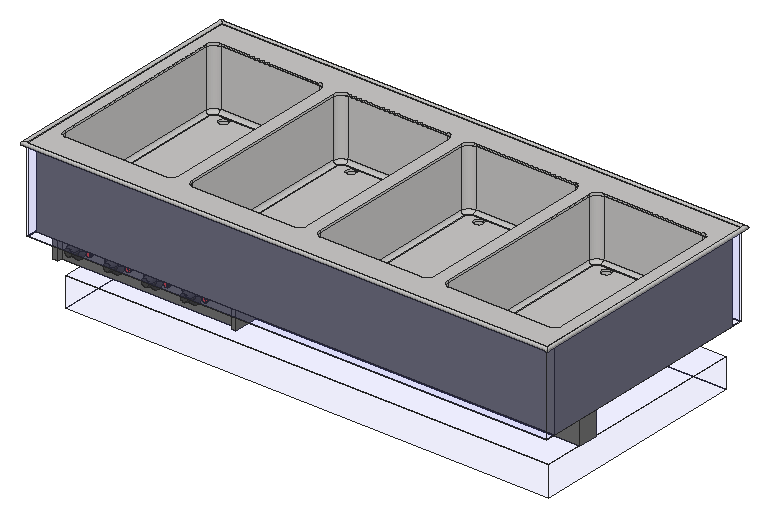
Revit family "QF_Vollrath_36406_cat", category Specialty Equipment, Revit 2016
Family settings
  Part Type = Normal
  Round Connector Dimension = Use Diameter
  OmniClass Number = 23.40.40.14.14
  OmniClass Title = Food Preparation Equipment
  Work Plane-Based = No
  Always vertical = Yes
  Cut with Voids When Loaded = No
  Shared = No
  Room Calculation Point = No
Parameters (values of type "Requires Type Catalog QF_Vollrath_36406_cat.txt")
  Width = 4' - 6 3/4"
  Weight in Pounds = 0
  Watts = 0 W
  Watermarked By = "http://revitwatermark.com"
  Waste Water Discharge Temperature [instance] = -459.67 °F
  Volts = 0 V
  URL Cutsheet = ""
  URL = "www.vollrathco.com"
  Status [instance] = ""
  Specification by User [instance] = ""
  Specification by Manufacturer [instance] = ""
  Serial Number [instance] = ""
  Seismic Rating [instance] = ""
  Revision Code [instance] = ""
  Remote Control Box [instance] = no
  Plumbing Remarks [instance] = ""
  Plumbing Connection Type [instance] = ""
  Phase = 1
  Number of Poles = 1
  NAFEM Spec ID Number [instance] = ""
  Mounted Control Box [instance] = not(Remote Control Box)  # yes
  Model = "-"
  Masterspec [instance] = ""
  Manufacturer = "Vollrath"
  Item Number [instance] = "-"
  Installed By [instance] = ""
  Indirect Waste Size = 1/2"
  Indirect Waste Flow [instance] = 0.00 GPM
  Indirect Waste Connection Type [instance] = ""
  Indirect Waste Connection Height [instance] = Height AFF - 1' 0 3/16"  # 1' - 11 13/16"
  Height AFF [instance] = 3' - 0"
  Furnished By [instance] = ""
  Foodservice Equipment Identifier [instance] = yes
  FL Amps = 0 A
  Electrical Remarks [instance] = ""
  Electric Connection Type [instance] = ""
  Elec Conn RI Height [instance] = 0' - 0"
  Elec Conn Connection Height [instance] = Height AFF - 0' 10"  # 2' - 2"
  Description = "Drop-In, Four Well Hot"
  Depth = 2' - 2"
  Cycle = 60 Hz
  Conn Plug = "-"
  CSI MasterFormat = "11 42 00"
  Assembly Code = "E1090320"
  Apparent Power = if(Phase = 3, Volts * FL Amps * 1.73, Volts * FL Amps)  # 0 VA
Reference planes (in)
  plane 1 "BACK": y = 0
  plane 2: z = 0
  plane 3 "LEFT": x = -15.489587
  plane 4 "RIGHT": x = 39.260413
  plane 5 "FRONT": y = -26
  plane 6 "Table Top": z = 36
  plane 7 "TOP": z = 36.375
  plane 8: y = -3
  plane 9: y = -23
  plane 10: x = -13.989587
  plane 11: x = -1.989587
  plane 12 "Bottom of Well": z = 29.625
  plane 13 "Bottom of Well Cover": z = 27.5
  plane 14: y = -1.5
  plane 15: y = -24.5
  plane 16: x = -14.989587
  plane 17: x = 38.760413
  plane 18 "Standard Drain": z = 23.75
  plane 19 "Drain FB": x = -11.989587
  plane 20 "Drain LR": y = -4
  plane 21: z = 24.5
  plane 22: z = 21.5
  plane 23 "Back of Panel": y = -20.5
  plane 24: y = -18.5
  plane 25: x = -14.489587
  plane 26: x = 38.197913
  plane 27 "Manifold Drain Top": z = 24.25
  plane 28 "Front of Panel": y = -22.5
  plane 29: x = 4.510413
  plane 30: x = -0.739587
  plane 31: x = 11.260413
  plane 32: x = 1.260413
  plane 33: x = 12.510413
  plane 34: x = 24.510413
  plane 35: x = 14.510413
  plane 36: x = 25.760413
  plane 37: x = 37.760413
  plane 38: x = 27.760413
  plane 39: z = 21.375
Forms (in)
  Sweep 1, solid, material "QF_Finishes_Stainless Steel"
    path origin (0, 0, 36) x (0, 1, 0) y (-1, 0, 0)
      loop
        line (0, 15.489587) -> (-26, 15.489587) -> (-26, -39.260413) -> (0, -39.260413) -> (0, 15.489587)
    profile origin (11.885413, 0, 36) x (0, 1, 0) y (0, 0, 1)
      loop
        line (-0.3712117, 0) -> (-0.1875, 0)
        arc (-0.1875, 0) -> (-0.0422631, 0.3060854) -> (-0.3712117, 0.225) r 0.1875
        line (-0.3712117, 0.225) -> (-0.3712117, 0)
  Extrusion 2, solid, material "QF_Finishes_Stainless Steel"
    sketch origin (0, 0, 36) x (0, 1, 0) y (-1, 0, 0)
      loop
        arc (-3, 13.114587) -> (-3.2562816, 13.7333055) -> (-3.875, 13.989587) r 0.875
        line (-3.875, 13.989587) -> (-22.125, 13.989587)
        arc (-22.125, 13.989587) -> (-22.7437184, 13.7333055) -> (-23, 13.114587) r 0.875
        line (-23, 13.114587) -> (-23, 2.864587)
        arc (-23, 2.864587) -> (-22.7437184, 2.2458686) -> (-22.125, 1.989587) r 0.875
        line (-22.125, 1.989587) -> (-3.875, 1.989587)
        arc (-3.875, 1.989587) -> (-3.2562816, 2.2458686) -> (-3, 2.864587) r 0.875
        line (-3, 2.864587) -> (-3, 13.114587)
      loop
        line (-0.3712117, 15.1183753) -> (-25.6287883, 15.1183753) -> (-25.6287883, -38.8892012) -> (-0.3712117, -38.8892012) -> (-0.3712117, 15.1183753)
      loop
        arc (-3, -0.135413) -> (-3.2562816, 0.4833055) -> (-3.875, 0.739587) r 0.875
        line (-3.875, 0.739587) -> (-22.125, 0.739587)
        arc (-22.125, 0.739587) -> (-22.7437184, 0.4833055) -> (-23, -0.135413) r 0.875
        line (-23, -0.135413) -> (-23, -10.385413)
        arc (-23, -10.385413) -> (-22.7437184, -11.0041314) -> (-22.125, -11.260413) r 0.875
        line (-22.125, -11.260413) -> (-3.875, -11.260413)
        arc (-3.875, -11.260413) -> (-3.2562816, -11.0041314) -> (-3, -10.385413) r 0.875
        line (-3, -10.385413) -> (-3, -0.135413)
      loop
        arc (-3, -13.385413) -> (-3.2562816, -12.7666945) -> (-3.875, -12.510413) r 0.875
        line (-3.875, -12.510413) -> (-22.125, -12.510413)
        arc (-22.125, -12.510413) -> (-22.7437184, -12.7666945) -> (-23, -13.385413) r 0.875
        line (-23, -13.385413) -> (-23, -23.635413)
        arc (-23, -23.635413) -> (-22.7437184, -24.2541314) -> (-22.125, -24.510413) r 0.875
        line (-22.125, -24.510413) -> (-3.875, -24.510413)
        arc (-3.875, -24.510413) -> (-3.2562816, -24.2541314) -> (-3, -23.635413) r 0.875
        line (-3, -23.635413) -> (-3, -13.385413)
      loop
        arc (-3, -26.635413) -> (-3.2562816, -26.0166945) -> (-3.875, -25.760413) r 0.875
        line (-3.875, -25.760413) -> (-22.125, -25.760413)
        arc (-22.125, -25.760413) -> (-22.7437184, -26.0166945) -> (-23, -26.635413) r 0.875
        line (-23, -26.635413) -> (-23, -36.885413)
        arc (-23, -36.885413) -> (-22.7437184, -37.5041314) -> (-22.125, -37.760413) r 0.875
        line (-22.125, -37.760413) -> (-3.875, -37.760413)
        arc (-3.875, -37.760413) -> (-3.2562816, -37.5041314) -> (-3, -36.885413) r 0.875
        line (-3, -36.885413) -> (-3, -26.635413)
    from 0 to 0.225
  Sweep 3, solid, material "QF_Finishes_Stainless Steel"
    path origin (0, 0, 36) x (0, 1, 0) y (-1, 0, 0)
      loop
        arc (-3, 13.114587) -> (-3.2562816, 13.7333055) -> (-3.875, 13.989587) r 0.875
        line (-3.875, 13.989587) -> (-22.125, 13.989587)
        arc (-22.125, 13.989587) -> (-22.7437184, 13.7333055) -> (-23, 13.114587) r 0.875
        line (-23, 13.114587) -> (-23, 2.864587)
        arc (-23, 2.864587) -> (-22.7437184, 2.2458686) -> (-22.125, 1.989587) r 0.875
        line (-22.125, 1.989587) -> (-3.875, 1.989587)
        arc (-3.875, 1.989587) -> (-3.2562816, 2.2458686) -> (-3, 2.864587) r 0.875
        line (-3, 2.864587) -> (-3, 13.114587)
    profile origin (-7.989587, -3, 36) x (0, 1, 0) y (0, 0, 1)
      loop
        line (0, 0) -> (0, -5.875)
        arc (0, -5.875) -> (-0.109835, -6.140165) -> (-0.375, -6.25) r 0.375
        line (-0.375, -6.25) -> (-0.375, -6.375)
        arc (-0.375, -6.375) -> (-0.0214466, -6.2285534) -> (0.125, -5.875) r 0.5
        line (0.125, -5.875) -> (0.125, 0) -> (0, 0)
  Extrusion 4, solid, material "QF_Finishes_Stainless Steel"
    sketch origin (0, 0, 29.625) x (0, 1, 0) y (-1, 0, 0)
      loop
        arc (-3.375, 13.114587) -> (-3.5214466, 13.4681404) -> (-3.875, 13.614587) r 0.5
        line (-3.875, 13.614587) -> (-22.125, 13.614587)
        arc (-22.125, 13.614587) -> (-22.4785534, 13.4681404) -> (-22.625, 13.114587) r 0.5
        line (-22.625, 13.114587) -> (-22.625, 2.864587)
        arc (-22.625, 2.864587) -> (-22.4785534, 2.5110336) -> (-22.125, 2.364587) r 0.5
        line (-22.125, 2.364587) -> (-3.875, 2.364587)
        arc (-3.875, 2.364587) -> (-3.5214466, 2.5110336) -> (-3.375, 2.864587) r 0.5
        line (-3.375, 2.864587) -> (-3.375, 13.114587)
      loop
        circle (-4, 11.989587) r 0.5
    from 0 to 0.125
  Extrusion 5, solid, material "QF_Finishes_Dark Grey"
    sketch origin (0, 0, 27.5) x (0, 1, 0) y (-1, 0, 0)
      loop
        line (-1.625, 14.864587) -> (-24.375, 14.864587) -> (-24.375, -38.635413) -> (-1.625, -38.635413) -> (-1.625, 14.864587)
      loop
        circle (-4, 11.989587) r 0.5
      loop
        circle (-4, -1.260413) r 0.5
    from 0 to 0.125
  Extrusion 6, solid, material "QF_Finishes_Dark Grey"
    sketch origin (0, 0, 27.5) x (0, 1, 0) y (-1, 0, 0)
      loop
        line (-1.5, 14.989587) -> (-24.5, 14.989587) -> (-24.5, -38.760413) -> (-1.5, -38.760413) -> (-1.5, 14.989587)
      loop
        line (-1.625, 14.864587) -> (-24.375, 14.864587) -> (-24.375, -38.635413) -> (-1.625, -38.635413) -> (-1.625, 14.864587)
    from 0 to 8.5
  Extrusion 7, solid, material "QF_Finishes_Stainless Steel"
    sketch origin (0, 0, 27.5) x (0, 1, 0) y (-1, 0, 0)
      loop
        circle (-4, 11.989587) r 0.5
      loop
        circle (-4, 11.989587) r 0.625
    from 0.125 to 2.125
  Revolve 8, solid, material "QF_Finishes_Dark Grey"
    sketch origin (-11.989587, 0, 0) x (0, 1, 0) y (0, 0, 1)
      loop
        line (-3.375, 23.75) -> (-3.25, 23.75) -> (-3.25, 24.25) -> (-3.375, 24.25) -> (-3.375, 25.75) -> (-3.25, 25.75) -> (-3.25, 26.25) -> (-3.375, 26.25) -> (-3.375, 27.5) -> (-3.5, 27.5) -> (-3.5, 26.125) -> (-3.375, 26.125) -> (-3.375, 25.875) -> (-3.5, 25.875) -> (-3.5, 24.125) -> (-3.375, 24.125) -> (-3.375, 23.75)
      axis (-4, 23.75) -> (-4, 27.5)
    angle from 0 to 360
  Extrusion 9, solid, material "QF_Finishes_Dark Grey"
    sketch origin (-15.489587, 0, 0) x (0, 1, 0) y (0, 0, 1)
      loop
        line (-18.5, 27.5) -> (-20.5, 27.5) -> (-20.5, 24.5) -> (-18.5, 24.5) -> (-18.5, 27.5)
    from 1 to 53.6875
  Extrusion 10, solid, material "QF_Finishes_Dark Grey", visible <- "Mounted Control Box"
    sketch origin (0, 0, 27.5) x (0, 1, 0) y (-1, 0, 0)
      loop
        line (-20.5, 14.489587) -> (-23, 14.489587) -> (-23, 13.989587) -> (-22.5, 13.989587) -> (-22.5, -4.010413) -> (-23, -4.010413) -> (-23, -4.510413) -> (-20.5, -4.510413) -> (-20.5, 14.489587)
    from 0 to -3
  Blend 11, solid, material "QF_Finishes_Black", visible <- "Mounted Control Box"
    base sketch origin (0, -22.5, 0) x (-1, 0, 0) y (0, 0, 1)
      loop
        circle (12.489587, 26) r 1
    top sketch origin (0, -22.5, 0) x (-1, 0, 0) y (0, 0, 1)
      loop
        circle (12.489587, 26) r 0.5
    from 0 to -0.25
  Blend 12, solid, material "QF_Finishes_Black", visible <- "Mounted Control Box"
    base sketch origin (0, -22.5, 0) x (-1, 0, 0) y (0, 0, 1)
      loop
        circle (12.489587, 26) r 0.5
    top sketch origin (0, -22.5, 0) x (-1, 0, 0) y (0, 0, 1)
      loop
        circle (12.489587, 26) r 0.375
    from -0.25 to -1
  Extrusion 13, solid, material "QF_Finishes_Black", visible <- "Mounted Control Box"
    sketch origin (0, -22.5, 0) x (-1, 0, 0) y (0, 0, 1)
      loop
        circle (10.989587, 26) r 0.25
    from 0 to -0.125
  Extrusion 14, solid, material "QF_Finishes_Red", visible <- "Mounted Control Box"
    sketch origin (0, -22.5, 0) x (-1, 0, 0) y (0, 0, 1)
      loop
        circle (10.989587, 26) r 0.1875
    from -0.125 to -0.25
  Extrusion 15, solid, material "QF_Finishes_Stainless Steel"
    sketch origin (13.25, 0, 29.625) x (0, 1, 0) y (-1, 0, 0)
      loop
        arc (-3.375, 13.114587) -> (-3.5214466, 13.4681404) -> (-3.875, 13.614587) r 0.5
        line (-3.875, 13.614587) -> (-22.125, 13.614587)
        arc (-22.125, 13.614587) -> (-22.4785534, 13.4681404) -> (-22.625, 13.114587) r 0.5
        line (-22.625, 13.114587) -> (-22.625, 2.864587)
        arc (-22.625, 2.864587) -> (-22.4785534, 2.5110336) -> (-22.125, 2.364587) r 0.5
        line (-22.125, 2.364587) -> (-3.875, 2.364587)
        arc (-3.875, 2.364587) -> (-3.5214466, 2.5110336) -> (-3.375, 2.864587) r 0.5
        line (-3.375, 2.864587) -> (-3.375, 13.114587)
      loop
        circle (-4, 11.989587) r 0.5
    from 0 to 0.125
  Revolve 16, solid, material "QF_Finishes_Dark Grey"
    sketch origin (1.260413, 0, 0) x (0, 1, 0) y (0, 0, 1)
      loop
        line (-3.375, 23.75) -> (-3.25, 23.75) -> (-3.25, 24.25) -> (-3.375, 24.25) -> (-3.375, 25.75) -> (-3.25, 25.75) -> (-3.25, 26.25) -> (-3.375, 26.25) -> (-3.375, 27.5) -> (-3.5, 27.5) -> (-3.5, 26.125) -> (-3.375, 26.125) -> (-3.375, 25.875) -> (-3.5, 25.875) -> (-3.5, 24.125) -> (-3.375, 24.125) -> (-3.375, 23.75)
      axis (-4, 23.75) -> (-4, 27.5)
    angle from 0 to 360
  Blend 17, solid, material "QF_Finishes_Black", visible <- "Mounted Control Box"
    base sketch origin (4, -22.5, 0) x (-1, 0, 0) y (0, 0, 1)
      loop
        circle (12.489587, 26) r 1
    top sketch origin (4, -22.5, 0) x (-1, 0, 0) y (0, 0, 1)
      loop
        circle (12.489587, 26) r 0.5
    from 0 to -0.25
  Blend 18, solid, material "QF_Finishes_Black", visible <- "Mounted Control Box"
    base sketch origin (4, -22.5, 0) x (-1, 0, 0) y (0, 0, 1)
      loop
        circle (12.489587, 26) r 0.5
    top sketch origin (4, -22.5, 0) x (-1, 0, 0) y (0, 0, 1)
      loop
        circle (12.489587, 26) r 0.375
    from -0.25 to -1
  Extrusion 19, solid, material "QF_Finishes_Black", visible <- "Mounted Control Box"
    sketch origin (0, -22.5, 0) x (-1, 0, 0) y (0, 0, 1)
      loop
        circle (6.989587, 26) r 0.25
    from 0 to -0.125
  Extrusion 20, solid, material "QF_Finishes_Red", visible <- "Mounted Control Box"
    sketch origin (0, -22.5, 0) x (-1, 0, 0) y (0, 0, 1)
      loop
        circle (6.989587, 26) r 0.1875
    from -0.125 to -0.25
  Sweep 21, solid, material "QF_Finishes_Stainless Steel"
    path origin (13.25, 0, 36) x (0, 1, 0) y (-1, 0, 0)
      loop
        arc (-3, 13.114587) -> (-3.2562816, 13.7333055) -> (-3.875, 13.989587) r 0.875
        line (-3.875, 13.989587) -> (-22.125, 13.989587)
        arc (-22.125, 13.989587) -> (-22.7437184, 13.7333055) -> (-23, 13.114587) r 0.875
        line (-23, 13.114587) -> (-23, 2.864587)
        arc (-23, 2.864587) -> (-22.7437184, 2.2458686) -> (-22.125, 1.989587) r 0.875
        line (-22.125, 1.989587) -> (-3.875, 1.989587)
        arc (-3.875, 1.989587) -> (-3.2562816, 2.2458686) -> (-3, 2.864587) r 0.875
        line (-3, 2.864587) -> (-3, 13.114587)
    profile origin (5.260413, -3, 36) x (0, 1, 0) y (0, 0, 1)
      loop
        line (0, 0) -> (0, -5.875)
        arc (0, -5.875) -> (-0.109835, -6.140165) -> (-0.375, -6.25) r 0.375
        line (-0.375, -6.25) -> (-0.375, -6.375)
        arc (-0.375, -6.375) -> (-0.0214466, -6.2285534) -> (0.125, -5.875) r 0.5
        line (0.125, -5.875) -> (0.125, 0) -> (0, 0)
  Extrusion 22, solid, material "QF_Finishes_Stainless Steel"
    sketch origin (13.25, 0, 27.5) x (0, 1, 0) y (-1, 0, 0)
      loop
        circle (-4, 11.989587) r 0.5
      loop
        circle (-4, 11.989587) r 0.625
    from 0.125 to 2.125
  Blend 23, solid, material "QF_Finishes_Black", visible <- "Mounted Control Box"
    base sketch origin (8, -22.5, 0) x (-1, 0, 0) y (0, 0, 1)
      loop
        circle (12.489587, 26) r 1
    top sketch origin (8, -22.5, 0) x (-1, 0, 0) y (0, 0, 1)
      loop
        circle (12.489587, 26) r 0.5
    from 0 to -0.25
  Blend 24, solid, material "QF_Finishes_Black", visible <- "Mounted Control Box"
    base sketch origin (8, -22.5, 0) x (-1, 0, 0) y (0, 0, 1)
      loop
        circle (12.489587, 26) r 0.5
    top sketch origin (8, -22.5, 0) x (-1, 0, 0) y (0, 0, 1)
      loop
        circle (12.489587, 26) r 0.375
    from -0.25 to -1
  Extrusion 25, solid, material "QF_Finishes_Black", visible <- "Mounted Control Box"
    sketch origin (4, -22.5, 0) x (-1, 0, 0) y (0, 0, 1)
      loop
        circle (6.989587, 26) r 0.25
    from 0 to -0.125
  Extrusion 26, solid, material "QF_Finishes_Red", visible <- "Mounted Control Box"
    sketch origin (4, -22.5, 0) x (-1, 0, 0) y (0, 0, 1)
      loop
        circle (6.989587, 26) r 0.1875
    from -0.125 to -0.25
  Revolve 27, solid, material "QF_Finishes_Dark Grey"
    sketch origin (14.510413, 0, 0) x (0, 1, 0) y (0, 0, 1)
      loop
        line (-3.375, 23.75) -> (-3.25, 23.75) -> (-3.25, 24.25) -> (-3.375, 24.25) -> (-3.375, 25.75) -> (-3.25, 25.75) -> (-3.25, 26.25) -> (-3.375, 26.25) -> (-3.375, 27.5) -> (-3.5, 27.5) -> (-3.5, 26.125) -> (-3.375, 26.125) -> (-3.375, 25.875) -> (-3.5, 25.875) -> (-3.5, 24.125) -> (-3.375, 24.125) -> (-3.375, 23.75)
      axis (-4, 23.75) -> (-4, 27.5)
    angle from 0 to 360
  Extrusion 28, solid, material "QF_Finishes_Stainless Steel"
    sketch origin (26.5, 0, 27.5) x (0, 1, 0) y (-1, 0, 0)
      loop
        circle (-4, 11.989587) r 0.5
      loop
        circle (-4, 11.989587) r 0.625
    from 0.125 to 2.125
  Extrusion 29, solid, material "QF_Finishes_Stainless Steel"
    sketch origin (26.5, 0, 29.625) x (0, 1, 0) y (-1, 0, 0)
      loop
        arc (-3.375, 13.114587) -> (-3.5214466, 13.4681404) -> (-3.875, 13.614587) r 0.5
        line (-3.875, 13.614587) -> (-22.125, 13.614587)
        arc (-22.125, 13.614587) -> (-22.4785534, 13.4681404) -> (-22.625, 13.114587) r 0.5
        line (-22.625, 13.114587) -> (-22.625, 2.864587)
        arc (-22.625, 2.864587) -> (-22.4785534, 2.5110336) -> (-22.125, 2.364587) r 0.5
        line (-22.125, 2.364587) -> (-3.875, 2.364587)
        arc (-3.875, 2.364587) -> (-3.5214466, 2.5110336) -> (-3.375, 2.864587) r 0.5
        line (-3.375, 2.864587) -> (-3.375, 13.114587)
      loop
        circle (-4, 11.989587) r 0.5
    from 0 to 0.125
  Sweep 30, solid, material "QF_Finishes_Stainless Steel"
    path origin (26.5, 0, 36) x (0, 1, 0) y (-1, 0, 0)
      loop
        arc (-3, 13.114587) -> (-3.2562816, 13.7333055) -> (-3.875, 13.989587) r 0.875
        line (-3.875, 13.989587) -> (-22.125, 13.989587)
        arc (-22.125, 13.989587) -> (-22.7437184, 13.7333055) -> (-23, 13.114587) r 0.875
        line (-23, 13.114587) -> (-23, 2.864587)
        arc (-23, 2.864587) -> (-22.7437184, 2.2458686) -> (-22.125, 1.989587) r 0.875
        line (-22.125, 1.989587) -> (-3.875, 1.989587)
        arc (-3.875, 1.989587) -> (-3.2562816, 2.2458686) -> (-3, 2.864587) r 0.875
        line (-3, 2.864587) -> (-3, 13.114587)
    profile origin (18.510413, -3, 36) x (0, 1, 0) y (0, 0, 1)
      loop
        line (0, 0) -> (0, -5.875)
        arc (0, -5.875) -> (-0.109835, -6.140165) -> (-0.375, -6.25) r 0.375
        line (-0.375, -6.25) -> (-0.375, -6.375)
        arc (-0.375, -6.375) -> (-0.0214466, -6.2285534) -> (0.125, -5.875) r 0.5
        line (0.125, -5.875) -> (0.125, 0) -> (0, 0)
  Blend 31, solid, material "QF_Finishes_Black", visible <- "Mounted Control Box"
    base sketch origin (12, -22.5, 0) x (-1, 0, 0) y (0, 0, 1)
      loop
        circle (12.489587, 26) r 1
    top sketch origin (12, -22.5, 0) x (-1, 0, 0) y (0, 0, 1)
      loop
        circle (12.489587, 26) r 0.5
    from 0 to -0.25
  Blend 32, solid, material "QF_Finishes_Black", visible <- "Mounted Control Box"
    base sketch origin (12, -22.5, 0) x (-1, 0, 0) y (0, 0, 1)
      loop
        circle (12.489587, 26) r 0.5
    top sketch origin (12, -22.5, 0) x (-1, 0, 0) y (0, 0, 1)
      loop
        circle (12.489587, 26) r 0.375
    from -0.25 to -1
  Extrusion 33, solid, material "QF_Finishes_Black", visible <- "Mounted Control Box"
    sketch origin (8, -22.5, 0) x (-1, 0, 0) y (0, 0, 1)
      loop
        circle (6.989587, 26) r 0.25
    from 0 to -0.125
  Extrusion 34, solid, material "QF_Finishes_Red", visible <- "Mounted Control Box"
    sketch origin (8, -22.5, 0) x (-1, 0, 0) y (0, 0, 1)
      loop
        circle (6.989587, 26) r 0.1875
    from -0.125 to -0.25
  Revolve 35, solid, material "QF_Finishes_Dark Grey"
    sketch origin (27.760413, 0, 0) x (0, 1, 0) y (0, 0, 1)
      loop
        line (-3.375, 23.75) -> (-3.25, 23.75) -> (-3.25, 24.25) -> (-3.375, 24.25) -> (-3.375, 25.75) -> (-3.25, 25.75) -> (-3.25, 26.25) -> (-3.375, 26.25) -> (-3.375, 27.5) -> (-3.5, 27.5) -> (-3.5, 26.125) -> (-3.375, 26.125) -> (-3.375, 25.875) -> (-3.5, 25.875) -> (-3.5, 24.125) -> (-3.375, 24.125) -> (-3.375, 23.75)
      axis (-4, 23.75) -> (-4, 27.5)
    angle from 0 to 360
  Extrusion 36, solid, material "QF_Finishes_Stainless Steel"
    sketch origin (39.75, 0, 27.5) x (0, 1, 0) y (-1, 0, 0)
      loop
        circle (-4, 11.989587) r 0.5
      loop
        circle (-4, 11.989587) r 0.625
    from 0.125 to 2.125
  Extrusion 37, solid, material "QF_Finishes_Stainless Steel"
    sketch origin (39.75, 0, 29.625) x (0, 1, 0) y (-1, 0, 0)
      loop
        arc (-3.375, 13.114587) -> (-3.5214466, 13.4681404) -> (-3.875, 13.614587) r 0.5
        line (-3.875, 13.614587) -> (-22.125, 13.614587)
        arc (-22.125, 13.614587) -> (-22.4785534, 13.4681404) -> (-22.625, 13.114587) r 0.5
        line (-22.625, 13.114587) -> (-22.625, 2.864587)
        arc (-22.625, 2.864587) -> (-22.4785534, 2.5110336) -> (-22.125, 2.364587) r 0.5
        line (-22.125, 2.364587) -> (-3.875, 2.364587)
        arc (-3.875, 2.364587) -> (-3.5214466, 2.5110336) -> (-3.375, 2.864587) r 0.5
        line (-3.375, 2.864587) -> (-3.375, 13.114587)
      loop
        circle (-4, 11.989587) r 0.5
    from 0 to 0.125
  Sweep 38, solid, material "QF_Finishes_Stainless Steel"
    path origin (39.75, 0, 36) x (0, 1, 0) y (-1, 0, 0)
      loop
        arc (-3, 13.114587) -> (-3.2562816, 13.7333055) -> (-3.875, 13.989587) r 0.875
        line (-3.875, 13.989587) -> (-22.125, 13.989587)
        arc (-22.125, 13.989587) -> (-22.7437184, 13.7333055) -> (-23, 13.114587) r 0.875
        line (-23, 13.114587) -> (-23, 2.864587)
        arc (-23, 2.864587) -> (-22.7437184, 2.2458686) -> (-22.125, 1.989587) r 0.875
        line (-22.125, 1.989587) -> (-3.875, 1.989587)
        arc (-3.875, 1.989587) -> (-3.2562816, 2.2458686) -> (-3, 2.864587) r 0.875
        line (-3, 2.864587) -> (-3, 13.114587)
    profile origin (31.760413, -3, 36) x (0, 1, 0) y (0, 0, 1)
      loop
        line (0, 0) -> (0, -5.875)
        arc (0, -5.875) -> (-0.109835, -6.140165) -> (-0.375, -6.25) r 0.375
        line (-0.375, -6.25) -> (-0.375, -6.375)
        arc (-0.375, -6.375) -> (-0.0214466, -6.2285534) -> (0.125, -5.875) r 0.5
        line (0.125, -5.875) -> (0.125, 0) -> (0, 0)
  Extrusion 39, solid, material "QF_Finishes_Clearances"
    sketch origin (0, 0, 36) x (0, 1, 0) y (-1, 0, 0)
      loop
        line (-0.5, 14.989587) -> (-25.5, 14.989587) -> (-25.5, -38.760413) -> (-0.5, -38.760413) -> (-0.5, 14.989587)
      loop
        line (-0.375, 15.114587) -> (-25.625, 15.114587) -> (-25.625, -38.885413) -> (-0.375, -38.885413) -> (-0.375, 15.114587)
    from 0 to -8.5
  Extrusion 40, solid, material "QF_Finishes_Clearances", detail levels medium+fine
    sketch origin (-11.989587, 0, 0) x (0, 1, 0) y (0, 0, 1)
      loop
        line (-1.5, 21.375) -> (-1.5, 24.5) -> (-24.5, 24.5) -> (-24.5, 21.375) -> (-1.5, 21.375)
    from 0 to 50.1875
Lines and regions (in)
  symbolic lines
    curve 1: line (-15.489587, 0, 27.5) -> (39.260413, 0, 27.5)
    curve 2: line (-15.489587, -26, 27.5) -> (-15.489587, 0, 27.5)
    curve 3: line (39.260413, -26, 27.5) -> (-15.489587, -26, 27.5)
    curve 4: line (39.260413, 0, 27.5) -> (39.260413, -26, 27.5)
    curve 5: line (-13.114587, -3, 27.5) -> (-2.864587, -3, 27.5)
    curve 6: line (-13.989587, -22.125, 27.5) -> (-13.989587, -3.875, 27.5)
    curve 7: line (-2.864587, -23, 27.5) -> (-13.114587, -23, 27.5)
    curve 8: line (-1.989587, -3.875, 27.5) -> (-1.989587, -22.125, 27.5)
    curve 9: arc (-13.114587, -23, 27.5) -> (-13.7333055, -22.7437184, 27.5) -> (-13.989587, -22.125, 27.5) r 0.875
    curve 10: arc (-2.864587, -23, 27.5) -> (-2.2458686, -22.7437184, 27.5) -> (-1.989587, -22.125, 27.5) r 0.875
    curve 11: arc (-13.989587, -3.875, 27.5) -> (-13.7333055, -3.2562816, 27.5) -> (-13.114587, -3, 27.5) r 0.875
    curve 12: arc (-2.864587, -3, 27.5) -> (-2.2458686, -3.2562816, 27.5) -> (-1.989587, -3.875, 27.5) r 0.875
    curve 13: line (0.135413, -3, 27.5) -> (10.385413, -3, 27.5)
    curve 14: line (-0.739587, -22.125, 27.5) -> (-0.739587, -3.875, 27.5)
    curve 15: line (10.385413, -23, 27.5) -> (0.135413, -23, 27.5)
    curve 16: line (11.260413, -3.875, 27.5) -> (11.260413, -22.125, 27.5)
    curve 17: arc (0.135413, -23, 27.5) -> (-0.4833055, -22.7437184, 27.5) -> (-0.739587, -22.125, 27.5) r 0.875
    curve 18: arc (10.385413, -23, 27.5) -> (11.0041314, -22.7437184, 27.5) -> (11.260413, -22.125, 27.5) r 0.875
    curve 19: arc (-0.739587, -3.875, 27.5) -> (-0.4833055, -3.2562816, 27.5) -> (0.135413, -3, 27.5) r 0.875
    curve 20: arc (10.385413, -3, 27.5) -> (11.0041314, -3.2562816, 27.5) -> (11.260413, -3.875, 27.5) r 0.875
    curve 21: line (13.385413, -3, 27.5) -> (23.635413, -3, 27.5)
    curve 22: line (12.510413, -22.125, 27.5) -> (12.510413, -3.875, 27.5)
    curve 23: line (23.635413, -23, 27.5) -> (13.385413, -23, 27.5)
    curve 24: line (24.510413, -3.875, 27.5) -> (24.510413, -22.125, 27.5)
    curve 25: arc (13.385413, -23, 27.5) -> (12.7666945, -22.7437184, 27.5) -> (12.510413, -22.125, 27.5) r 0.875
    curve 26: arc (23.635413, -23, 27.5) -> (24.2541314, -22.7437184, 27.5) -> (24.510413, -22.125, 27.5) r 0.875
    curve 27: arc (12.510413, -3.875, 27.5) -> (12.7666945, -3.2562816, 27.5) -> (13.385413, -3, 27.5) r 0.875
    curve 28: arc (23.635413, -3, 27.5) -> (24.2541314, -3.2562816, 27.5) -> (24.510413, -3.875, 27.5) r 0.875
    curve 29: line (26.635413, -3, 27.5) -> (36.885413, -3, 27.5)
    curve 30: line (25.760413, -22.125, 27.5) -> (25.760413, -3.875, 27.5)
    curve 31: line (36.885413, -23, 27.5) -> (26.635413, -23, 27.5)
    curve 32: line (37.760413, -3.875, 27.5) -> (37.760413, -22.125, 27.5)
    curve 33: arc (26.635413, -23, 27.5) -> (26.0166945, -22.7437184, 27.5) -> (25.760413, -22.125, 27.5) r 0.875
    curve 34: arc (36.885413, -23, 27.5) -> (37.5041314, -22.7437184, 27.5) -> (37.760413, -22.125, 27.5) r 0.875
    curve 35: arc (25.760413, -3.875, 27.5) -> (26.0166945, -3.2562816, 27.5) -> (26.635413, -3, 27.5) r 0.875
    curve 36: arc (36.885413, -3, 27.5) -> (37.5041314, -3.2562816, 27.5) -> (37.760413, -3.875, 27.5) r 0.875
  model lines, style "QF_Cutout"
    curve 37: line (-15.1183753, -25.625, 36.375) -> (-15.1183753, -25.625, 42.375)
    curve 38: line (38.885413, -25.625, 36.375) -> (38.885413, -25.625, 42.375)
    curve 39: line (-15.1183753, -0.375, 36.375) -> (-15.1183753, -0.375, 42.375)
    curve 40: line (38.885413, -0.375, 36.375) -> (38.885413, -0.375, 42.375)
Dimensions and locks (in)
  "Width": plane 3 "LEFT" to plane 4 "RIGHT"
  "Depth": plane 5 "FRONT" to plane 1 "BACK"
  "Height AFF": plane 6 "Table Top" to level
  locked: plane 7 "TOP" to plane 6 "Table Top" at 0.375
  locked: plane 1 "BACK" to plane 8 at 3
  locked: plane 9 to plane 5 "FRONT" at 3
  locked: plane 3 "LEFT" to plane 10 at 1.5
  locked: profile plane to Sweep 1 sketch curve at 0.3712117
  locked: plane 6 "Table Top" to plane 12 "Bottom of Well" at 6.375
  locked: plane 6 "Table Top" to plane 13 "Bottom of Well Cover" at 8.5
  locked: plane 1 "BACK" to plane 14 at 1.5
  locked: plane 15 to plane 5 "FRONT" at 1.5
  locked: plane 3 "LEFT" to plane 16 at 0.5
  locked: plane 17 to plane 4 "RIGHT" at 0.5
  locked: plane 1 "BACK" to plane 20 "Drain LR" at 4
  locked: plane 13 "Bottom of Well Cover" to plane 21 at 3
  locked: plane 21 to plane 22 at 3
  locked: plane 24 to plane 23 "Back of Panel" at 2
  locked: plane 23 "Back of Panel" to plane 5 "FRONT" at 5.5
  locked: plane 16 to plane 25 at 0.5
  locked: plane 26 to plane 17 at 0.5625
  plane 23 "Back of Panel" to plane 28 "Front of Panel" = 0' - 2"
  locked: plane 25 to plane 29 at 19
  locked: plane 25 to Extrusion 10 sketch curve at 0.5
  locked: Extrusion 10 sketch curve to plane 29 at 0.5
  locked: plane 13 "Bottom of Well Cover" to plane 27 "Manifold Drain Top" at 3.25
  locked: plane 13 "Bottom of Well Cover" to plane 18 "Standard Drain" at 3.75
  locked: plane 10 to plane 11 at 12
  locked: plane 11 to plane 30 at 1.25
  locked: plane 30 to plane 31 at 12
  locked: plane 30 to plane 32 at 2
  locked: plane 10 to plane 19 "Drain FB" at 2
  locked: plane 33 to plane 34 at 12
  locked: plane 33 to plane 35 at 2
  locked: plane 31 to plane 33 at 1.25
  locked: plane 36 to plane 37 at 12
  locked: plane 36 to plane 38 at 2
  locked: plane 34 to plane 36 at 1.25
  locked: plane 3 "LEFT" to Extrusion 39 sketch curve at 0.375
  locked: Extrusion 39 sketch curve to Extrusion 39 sketch curve at 0.125  (x4)
  locked: Extrusion 39 sketch curve to plane 1 "BACK" at 0.375
  locked: plane 5 "FRONT" to Extrusion 39 sketch curve at 0.375
  locked: Extrusion 39 sketch curve to plane 4 "RIGHT" at 0.375
  locked: plane 7 "TOP" to plane 39 at 15
  aligned and locked: level to plane 2
  aligned and locked: Sweep 1 sketch curve to profile plane
  aligned and locked: plane 1 "BACK" to Sweep 1 sketch curve
  aligned and locked: plane 3 "LEFT" to Sweep 1 sketch curve
  aligned and locked: Sweep 1 sketch curve to plane 5 "FRONT"
  aligned and locked: Sweep 1 sketch curve to plane 4 "RIGHT"
  aligned and locked: Extrusion 2 sketch curve to plane 8  (x2)
  aligned and locked: plane 10 to Extrusion 2 sketch curve
  aligned and locked: plane 9 to Extrusion 2 sketch curve  (x2)
  aligned and locked: plane 11 to Extrusion 2 sketch curve
  aligned and locked: Sweep 1 to Extrusion 2 sketch curve  (x4)
  aligned: Extrusion 2 to Sweep 1
  aligned and locked: Sweep 3 sketch curve to plane 8
  aligned and locked: plane 10 to Sweep 3 sketch curve
  aligned and locked: plane 9 to Sweep 3 sketch curve
  aligned and locked: plane 11 to Sweep 3 sketch curve
  aligned and locked: plane 8 to Sweep 3 sketch curve
  aligned and locked: Sweep 3 sketch curve to plane 6 "Table Top"
  aligned and locked: Extrusion 4 sketch curve to Sweep 3  (x2)
  aligned and locked: Sweep 3 to Extrusion 4 sketch curve  (x2)
  aligned and locked: Extrusion 4 to Sweep 3
  aligned and locked: Extrusion 5 sketch curve to Extrusion 4  (x2)
  aligned and locked: plane 16 to Extrusion 6 sketch curve
  aligned and locked: Extrusion 6 sketch curve to plane 14
  aligned and locked: Extrusion 6 sketch curve to plane 17
  aligned and locked: plane 15 to Extrusion 6 sketch curve
  aligned and locked: plane 6 "Table Top" to Extrusion 6
  aligned and locked: Extrusion 5 sketch curve to Extrusion 6  (x4)
  aligned and locked: Extrusion 7 sketch curve to Extrusion 4  (x2)
  aligned and locked: plane 12 "Bottom of Well" to Extrusion 7
  aligned and locked: Extrusion 9 sketch curve to plane 13 "Bottom of Well Cover"
  aligned and locked: plane 23 "Back of Panel" to Extrusion 9 sketch curve
  aligned and locked: Extrusion 9 sketch curve to plane 24
  aligned and locked: plane 21 to Extrusion 9 sketch curve
  aligned and locked: Extrusion 9 to plane 25
  aligned and locked: plane 26 to Extrusion 9
  aligned and locked: Extrusion 10 sketch curve to plane 23 "Back of Panel"
  aligned and locked: Extrusion 10 sketch curve to plane 29
  aligned and locked: Extrusion 10 sketch curve to plane 25
  aligned and locked: plane 28 "Front of Panel" to Extrusion 10 sketch curve
  aligned and locked: Extrusion 10 to plane 21
  aligned and locked: Blend 12 sketch curve to Blend 11  (x2)
  aligned and locked: plane 1 "BACK" to curve 1
  aligned and locked: plane 3 "LEFT" to curve 2
  aligned and locked: curve 4 to plane 4 "RIGHT"
  aligned and locked: curve 3 to plane 5 "FRONT"
  aligned and locked: curve 5 to plane 8
  aligned and locked: plane 11 to curve 8
  aligned and locked: plane 10 to curve 6
  aligned and locked: plane 9 to curve 7
  aligned and locked: plane 31 to Extrusion 2 sketch curve
  aligned and locked: Extrusion 2 sketch curve to plane 30
  aligned and locked: Blend 18 sketch curve to Blend 17  (x2)
  aligned and locked: Blend 24 sketch curve to Blend 23  (x2)
  aligned and locked: Blend 32 sketch curve to Blend 31  (x2)
  aligned and locked: Extrusion 15 sketch curve to Sweep 21
  aligned and locked: Extrusion 39 to plane 13 "Bottom of Well Cover"
  aligned and locked: plane 39 to Extrusion 40 sketch curve
  aligned and locked: Extrusion 40 sketch curve to plane 14
  aligned and locked: Extrusion 40 sketch curve to plane 21
  aligned and locked: plane 15 to Extrusion 40 sketch curve
  aligned and locked: plane 26 to Extrusion 40
  aligned and locked: Extrusion 40 to plane 19 "Drain FB"
Automatic sketch dimensions
  plane 28 "Front of Panel" to Sweep 3 sketch curve = 0' - 0 3/8"  (x2)
  plane 20 "Drain LR" to Sweep 3 sketch curve = 0' - 0 1/8"  (x2)
  plane 15 to Extrusion 6 sketch curve = 0' - 0 1/8"
  Extrusion 6 sketch curve to plane 14 = 0' - 0 1/8"
  Extrusion 6 sketch curve to plane 17 = 0' - 0 1/8"
  plane 16 to Extrusion 6 sketch curve = 0' - 0 1/8"
  Extrusion 10 sketch curve to plane 9 = 0' - 0"  (x2)
  Sweep 21 sketch curve to plane 9 = 0' - 0"
  Sweep 21 sketch curve to plane 30 = 0' - 0"
  Sweep 21 sketch curve to plane 31 = 0' - 0"
  Sweep 21 sketch curve to plane 8 = 0' - 0"
  plane 28 "Front of Panel" to Sweep 21 sketch curve = 0' - 0 3/8"  (x2)
  plane 20 "Drain LR" to Sweep 21 sketch curve = 0' - 0 1/8"  (x2)
  Extrusion 22 sketch curve to Extrusion 22 sketch curve = 0' - 0"  (x12)
  Extrusion 22 sketch curve to plane 32 = 0' - 0"
  Extrusion 22 sketch curve to plane 20 "Drain LR" = 0' - 0"
  Extrusion 22 sketch curve to plane 20 "Drain LR" = 0' - 0 1/2"
  Extrusion 22 sketch curve to Extrusion 22 sketch curve = 0' - 0 1/8"
  Extrusion 28 sketch curve to Extrusion 28 sketch curve = 0' - 0"  (x12)
  Extrusion 28 sketch curve to plane 35 = 0' - 0"
  Extrusion 28 sketch curve to plane 20 "Drain LR" = 0' - 0"
  Extrusion 28 sketch curve to plane 20 "Drain LR" = 0' - 0 1/2"
  Extrusion 28 sketch curve to Extrusion 28 sketch curve = 0' - 0 1/8"
  Extrusion 29 sketch curve to plane 20 "Drain LR" = 0' - 0"
  Extrusion 29 sketch curve to plane 35 = 0' - 0"
  plane 28 "Front of Panel" to Extrusion 29 sketch curve = 0' - 0 3/8"  (x2)
  Extrusion 29 sketch curve to plane 28 "Front of Panel" = 0' - 0 1/8"
  plane 20 "Drain LR" to Extrusion 29 sketch curve = 0' - 0 1/8"  (x2)
  Extrusion 29 sketch curve to plane 8 = 0' - 0 3/8"
  plane 34 to Extrusion 29 sketch curve = 0' - 0 7/8"
  Extrusion 29 sketch curve to plane 33 = 0' - 0 7/8"
  Sweep 30 sketch curve to plane 9 = 0' - 0"
  Sweep 30 sketch curve to plane 33 = 0' - 0"
  Sweep 30 sketch curve to plane 34 = 0' - 0"
  Sweep 30 sketch curve to plane 8 = 0' - 0"
  plane 28 "Front of Panel" to Sweep 30 sketch curve = 0' - 0 3/8"  (x2)
  plane 20 "Drain LR" to Sweep 30 sketch curve = 0' - 0 1/8"  (x2)
  Extrusion 36 sketch curve to Extrusion 36 sketch curve = 0' - 0"  (x12)
  Extrusion 36 sketch curve to plane 38 = 0' - 0"
  Extrusion 36 sketch curve to plane 20 "Drain LR" = 0' - 0"
  Extrusion 36 sketch curve to plane 20 "Drain LR" = 0' - 0 1/2"
  Extrusion 36 sketch curve to Extrusion 36 sketch curve = 0' - 0 1/8"
  Extrusion 37 sketch curve to plane 20 "Drain LR" = 0' - 0"
  Extrusion 37 sketch curve to plane 38 = 0' - 0"
  plane 28 "Front of Panel" to Extrusion 37 sketch curve = 0' - 0 3/8"  (x2)
  Extrusion 37 sketch curve to plane 28 "Front of Panel" = 0' - 0 1/8"
  plane 20 "Drain LR" to Extrusion 37 sketch curve = 0' - 0 1/8"  (x2)
  Extrusion 37 sketch curve to plane 8 = 0' - 0 3/8"
  plane 37 to Extrusion 37 sketch curve = 0' - 0 7/8"
  Extrusion 37 sketch curve to plane 36 = 0' - 0 7/8"
  Sweep 38 sketch curve to plane 9 = 0' - 0"
  Sweep 38 sketch curve to plane 36 = 0' - 0"
  Sweep 38 sketch curve to plane 37 = 0' - 0"
  Sweep 38 sketch curve to plane 8 = 0' - 0"
  plane 28 "Front of Panel" to Sweep 38 sketch curve = 0' - 0 3/8"  (x2)
  plane 20 "Drain LR" to Sweep 38 sketch curve = 0' - 0 1/8"  (x2)
  curve 31 to plane 9 = 0' - 0"
  curve 15 to plane 9 = 0' - 0"
  curve 23 to plane 9 = 0' - 0"
  curve 34 to plane 37 = 0' - 0"
  curve 25 to plane 33 = 0' - 0"
  curve 33 to plane 36 = 0' - 0"
  curve 26 to plane 34 = 0' - 0"
  curve 14 to plane 30 = 0' - 0"
  curve 16 to plane 31 = 0' - 0"
  curve 29 to plane 8 = 0' - 0"
  curve 28 to plane 8 = 0' - 0"
  curve 20 to plane 8 = 0' - 0"
  plane 28 "Front of Panel" to curve 34 = 0' - 0 3/8"
  plane 28 "Front of Panel" to curve 26 = 0' - 0 3/8"
  plane 28 "Front of Panel" to curve 6 = 0' - 0 3/8"
  plane 28 "Front of Panel" to curve 25 = 0' - 0 3/8"
  plane 28 "Front of Panel" to curve 8 = 0' - 0 3/8"
  plane 28 "Front of Panel" to curve 17 = 0' - 0 3/8"
  plane 28 "Front of Panel" to curve 33 = 0' - 0 3/8"
  plane 28 "Front of Panel" to curve 16 = 0' - 0 3/8"
  plane 20 "Drain LR" to curve 19 = 0' - 0 1/8"
  plane 20 "Drain LR" to curve 20 = 0' - 0 1/8"
  plane 20 "Drain LR" to curve 32 = 0' - 0 1/8"
  plane 20 "Drain LR" to curve 22 = 0' - 0 1/8"
  plane 20 "Drain LR" to curve 12 = 0' - 0 1/8"
  plane 20 "Drain LR" to curve 24 = 0' - 0 1/8"
  plane 20 "Drain LR" to curve 11 = 0' - 0 1/8"
  plane 20 "Drain LR" to curve 35 = 0' - 0 1/8"
  Sweep 1 sketch curve to Sweep 1 sketch curve = 0' - 0.18371"
  plane 6 "Table Top" to Sweep 1 sketch curve = 0' - 0 3/16"
  Extrusion 2 sketch curve to plane 9 = 0' - 0"  (x2)
  Extrusion 2 sketch curve to plane 36 = 0' - 0"
  Extrusion 2 sketch curve to plane 37 = 0' - 0"
  Extrusion 2 sketch curve to plane 34 = 0' - 0"
  Extrusion 2 sketch curve to plane 33 = 0' - 0"
  Extrusion 2 sketch curve to plane 8 = 0' - 0"  (x2)
  plane 28 "Front of Panel" to Extrusion 2 sketch curve = 0' - 0 3/8"  (x8)
  plane 20 "Drain LR" to Extrusion 2 sketch curve = 0' - 0 1/8"  (x8)
  Sweep 3 sketch curve to Sweep 3 sketch curve = 0' - 0"  (x2)
  profile plane to Sweep 3 sketch curve = 0' - 0 3/8"
  Sweep 3 sketch curve to profile plane = 0' - 0 1/8"
  Sweep 3 sketch curve to plane 6 "Table Top" = 0' - 5 7/8"
  Extrusion 4 sketch curve to plane 19 "Drain FB" = 0' - 0"
  Extrusion 4 sketch curve to plane 20 "Drain LR" = 0' - 0"
  plane 28 "Front of Panel" to Extrusion 4 sketch curve = 0' - 0 3/8"  (x2)
  plane 20 "Drain LR" to Extrusion 4 sketch curve = 0' - 0 1/8"  (x2)
  Extrusion 5 sketch curve to Extrusion 5 sketch curve = 0' - 0"  (x2)
  Extrusion 5 sketch curve to plane 32 = 0' - 0"
  Extrusion 5 sketch curve to plane 20 "Drain LR" = 0' - 0"
  Extrusion 5 sketch curve to plane 20 "Drain LR" = 0' - 0 1/2"
  Extrusion 7 sketch curve to Extrusion 7 sketch curve = 0' - 0"  (x2)
  Extrusion 7 sketch curve to Extrusion 7 sketch curve = 0' - 0 1/8"
  Revolve 8 sketch curve to plane 20 "Drain LR" = 0' - 0"
  Revolve 8 sketch curve to plane 13 "Bottom of Well Cover" = 0' - 0"
  Revolve 8 sketch curve to plane 27 "Manifold Drain Top" = 0' - 0"
  Revolve 8 sketch curve to plane 18 "Standard Drain" = 0' - 0"
  Revolve 8 sketch curve to plane 8 = 0' - 0 1/2"  (x2)
  Revolve 8 sketch curve to Revolve 8 sketch curve = 0' - 0 1/8"  (x6)
  Revolve 8 sketch curve to Revolve 8 sketch curve = 0' - 0"
  Revolve 8 sketch curve to plane 8 = 0' - 0 3/8"
  Revolve 8 sketch curve to level = 1' - 0"
  Revolve 8 sketch curve to plane 27 "Manifold Drain Top" = 0' - 0 1/8"
  plane 21 to Revolve 8 sketch curve = 0' - 1 1/4"
  Revolve 8 sketch curve to Revolve 8 sketch curve = 0' - 0 1/4"
  plane 7 "TOP" to Revolve 8 sketch curve = 5' - 0 5/8"
  Blend 11 sketch curve to plane 19 "Drain FB" = 0' - 0 1/2"  (x2)
  Blend 11 sketch curve to plane 13 "Bottom of Well Cover" = 0' - 1 1/2"  (x2)
  Blend 12 sketch curve to plane 19 "Drain FB" = 0' - 0 1/2"
  Blend 12 sketch curve to plane 13 "Bottom of Well Cover" = 0' - 1 1/2"
  plane 19 "Drain FB" to Extrusion 13 sketch curve = 0' - 1"
  Extrusion 13 sketch curve to plane 13 "Bottom of Well Cover" = 0' - 1 1/2"
  plane 19 "Drain FB" to Extrusion 14 sketch curve = 0' - 1"
  Extrusion 14 sketch curve to plane 13 "Bottom of Well Cover" = 0' - 1 1/2"
  Extrusion 15 sketch curve to plane 20 "Drain LR" = 0' - 0"
  Extrusion 15 sketch curve to plane 32 = 0' - 0"
  plane 28 "Front of Panel" to Extrusion 15 sketch curve = 0' - 0 3/8"  (x2)
  Extrusion 15 sketch curve to plane 28 "Front of Panel" = 0' - 0 1/8"
  plane 20 "Drain LR" to Extrusion 15 sketch curve = 0' - 0 1/8"  (x2)
  Extrusion 15 sketch curve to plane 8 = 0' - 0 3/8"
  plane 31 to Extrusion 15 sketch curve = 0' - 0 7/8"
  Revolve 16 sketch curve to plane 20 "Drain LR" = 0' - 0"
  Revolve 16 sketch curve to plane 13 "Bottom of Well Cover" = 0' - 0"
  Revolve 16 sketch curve to plane 27 "Manifold Drain Top" = 0' - 0"
  Revolve 16 sketch curve to plane 18 "Standard Drain" = 0' - 0"
  Revolve 16 sketch curve to plane 8 = 0' - 0 1/2"  (x2)
  Revolve 16 sketch curve to Revolve 16 sketch curve = 0' - 0 1/8"  (x6)
  Revolve 16 sketch curve to Revolve 16 sketch curve = 0' - 0"
  Revolve 16 sketch curve to plane 8 = 0' - 0 3/8"
  Revolve 16 sketch curve to level = 1' - 0"
  Revolve 16 sketch curve to plane 27 "Manifold Drain Top" = 0' - 0 1/8"
  plane 21 to Revolve 16 sketch curve = 0' - 1 1/4"
  Revolve 16 sketch curve to Revolve 16 sketch curve = 0' - 0 1/4"
  plane 7 "TOP" to Revolve 16 sketch curve = 5' - 0 5/8"
  Blend 17 sketch curve to plane 13 "Bottom of Well Cover" = 0' - 1 1/2"  (x2)
  plane 19 "Drain FB" to Blend 17 sketch curve = 0' - 3 1/2"  (x2)
  Blend 18 sketch curve to plane 13 "Bottom of Well Cover" = 0' - 1 1/2"
  plane 19 "Drain FB" to Blend 18 sketch curve = 0' - 3 1/2"
  Extrusion 19 sketch curve to plane 13 "Bottom of Well Cover" = 0' - 1 1/2"
  plane 11 to Extrusion 19 sketch curve = 0' - 5"
  Extrusion 20 sketch curve to plane 13 "Bottom of Well Cover" = 0' - 1 1/2"
  plane 11 to Extrusion 20 sketch curve = 0' - 5"
  Sweep 21 sketch curve to Sweep 21 sketch curve = 0' - 0"  (x2)
  Sweep 21 sketch curve to plane 6 "Table Top" = 0' - 0"
  Sweep 21 sketch curve to profile plane = 0' - 0"
  profile plane to Sweep 21 sketch curve = 0' - 0 3/8"
  Sweep 21 sketch curve to profile plane = 0' - 0 1/8"
  Sweep 21 sketch curve to plane 6 "Table Top" = 0' - 5 7/8"
  plane 11 to Blend 23 sketch curve = 0' - 2 1/2"  (x2)
  Blend 23 sketch curve to plane 13 "Bottom of Well Cover" = 0' - 1 1/2"  (x2)
  plane 11 to Blend 24 sketch curve = 0' - 2 1/2"
  Blend 24 sketch curve to plane 13 "Bottom of Well Cover" = 0' - 1 1/2"
  plane 11 to Extrusion 25 sketch curve = 0' - 1"
  Extrusion 25 sketch curve to plane 13 "Bottom of Well Cover" = 0' - 1 1/2"
  plane 11 to Extrusion 26 sketch curve = 0' - 1"
  Extrusion 26 sketch curve to plane 13 "Bottom of Well Cover" = 0' - 1 1/2"
  Revolve 27 sketch curve to plane 20 "Drain LR" = 0' - 0"
  Revolve 27 sketch curve to plane 13 "Bottom of Well Cover" = 0' - 0"
  Revolve 27 sketch curve to plane 27 "Manifold Drain Top" = 0' - 0"
  Revolve 27 sketch curve to plane 18 "Standard Drain" = 0' - 0"
  Revolve 27 sketch curve to plane 8 = 0' - 0 1/2"  (x2)
  Revolve 27 sketch curve to Revolve 27 sketch curve = 0' - 0 1/8"  (x6)
  Revolve 27 sketch curve to Revolve 27 sketch curve = 0' - 0"
  Revolve 27 sketch curve to plane 8 = 0' - 0 3/8"
  Revolve 27 sketch curve to level = 1' - 0"
  Revolve 27 sketch curve to plane 27 "Manifold Drain Top" = 0' - 0 1/8"
  plane 21 to Revolve 27 sketch curve = 0' - 1 1/4"
  Revolve 27 sketch curve to Revolve 27 sketch curve = 0' - 0 1/4"
  plane 7 "TOP" to Revolve 27 sketch curve = 5' - 0 5/8"
  Sweep 30 sketch curve to Sweep 30 sketch curve = 0' - 0"  (x2)
  Sweep 30 sketch curve to plane 6 "Table Top" = 0' - 0"
  Sweep 30 sketch curve to profile plane = 0' - 0"
  profile plane to Sweep 30 sketch curve = 0' - 0 3/8"
  Sweep 30 sketch curve to profile plane = 0' - 0 1/8"
  Sweep 30 sketch curve to plane 6 "Table Top" = 0' - 5 7/8"
  Blend 31 sketch curve to plane 30 = 0' - 0 1/4"  (x2)
  Blend 31 sketch curve to plane 13 "Bottom of Well Cover" = 0' - 1 1/2"  (x2)
  Blend 32 sketch curve to plane 30 = 0' - 0 1/4"
  Blend 32 sketch curve to plane 13 "Bottom of Well Cover" = 0' - 1 1/2"
  Extrusion 33 sketch curve to plane 32 = 0' - 0 1/4"
  Extrusion 33 sketch curve to plane 13 "Bottom of Well Cover" = 0' - 1 1/2"
  Extrusion 34 sketch curve to plane 32 = 0' - 0 1/4"
  Extrusion 34 sketch curve to plane 13 "Bottom of Well Cover" = 0' - 1 1/2"
  Revolve 35 sketch curve to plane 20 "Drain LR" = 0' - 0"
  Revolve 35 sketch curve to plane 13 "Bottom of Well Cover" = 0' - 0"
  Revolve 35 sketch curve to plane 27 "Manifold Drain Top" = 0' - 0"
  Revolve 35 sketch curve to plane 18 "Standard Drain" = 0' - 0"
  Revolve 35 sketch curve to plane 8 = 0' - 0 1/2"  (x2)
  Revolve 35 sketch curve to Revolve 35 sketch curve = 0' - 0 1/8"  (x6)
  Revolve 35 sketch curve to Revolve 35 sketch curve = 0' - 0"
  Revolve 35 sketch curve to plane 8 = 0' - 0 3/8"
  Revolve 35 sketch curve to level = 1' - 0"
  Revolve 35 sketch curve to plane 27 "Manifold Drain Top" = 0' - 0 1/8"
  plane 21 to Revolve 35 sketch curve = 0' - 1 1/4"
  Revolve 35 sketch curve to Revolve 35 sketch curve = 0' - 0 1/4"
  plane 7 "TOP" to Revolve 35 sketch curve = 5' - 0 5/8"
  Sweep 38 sketch curve to Sweep 38 sketch curve = 0' - 0"  (x2)
  Sweep 38 sketch curve to plane 6 "Table Top" = 0' - 0"
  Sweep 38 sketch curve to profile plane = 0' - 0"
  profile plane to Sweep 38 sketch curve = 0' - 0 3/8"
  Sweep 38 sketch curve to profile plane = 0' - 0 1/8"
  Sweep 38 sketch curve to plane 6 "Table Top" = 0' - 5 7/8"
  curve 38 to Extrusion 39 = 0' - 0"
  curve 37 to Extrusion 39 = 0' - 0.00379"
  curve 37 to Extrusion 39 = 0' - 6 3/8"
  curve 38 to Extrusion 39 = 0' - 6 3/8"
  curve 38 to Extrusion 39 = 0' - 0 3/8"
  curve 37 to Extrusion 39 = 0' - 0 3/8"
  Extrusion 39 to curve 40 = 0' - 0"
  Extrusion 39 to curve 39 = 0' - 0.00379"
  curve 39 to Extrusion 39 = 0' - 6 3/8"
  curve 40 to Extrusion 39 = 0' - 6 3/8"
  curve 40 to Extrusion 39 = 0' - 0 3/8"
  curve 39 to Extrusion 39 = 0' - 0 3/8"
  radius of Extrusion 29 sketch curve = 0' - 0 1/2"
  radius of Extrusion 37 sketch curve = 0' - 0 1/2"
  radius of Extrusion 4 sketch curve = 0' - 0 1/2"
  radius of Blend 11 sketch curve = 0' - 1"
  radius of Blend 11 sketch curve = 0' - 0 1/2"
  radius of Blend 12 sketch curve = 0' - 0 3/8"
  radius of Extrusion 13 sketch curve = 0' - 0 1/4"
  radius of Extrusion 14 sketch curve = 0' - 0 3/16"
  radius of Extrusion 15 sketch curve = 0' - 0 1/2"
  radius of Blend 17 sketch curve = 0' - 1"
  radius of Blend 17 sketch curve = 0' - 0 1/2"
  radius of Blend 18 sketch curve = 0' - 0 3/8"
  radius of Extrusion 19 sketch curve = 0' - 0 1/4"
  radius of Extrusion 20 sketch curve = 0' - 0 3/16"
  radius of Blend 23 sketch curve = 0' - 1"
  radius of Blend 23 sketch curve = 0' - 0 1/2"
  radius of Blend 24 sketch curve = 0' - 0 3/8"
  radius of Extrusion 25 sketch curve = 0' - 0 1/4"
  radius of Extrusion 26 sketch curve = 0' - 0 3/16"
  radius of Blend 31 sketch curve = 0' - 1"
  radius of Blend 31 sketch curve = 0' - 0 1/2"
  radius of Blend 32 sketch curve = 0' - 0 3/8"
  radius of Extrusion 33 sketch curve = 0' - 0 1/4"
  radius of Extrusion 34 sketch curve = 0' - 0 3/16"
Connectors (in)
  piping at (-11.989587, -4, 23.75), diameter 1, driven by "Indirect Waste Flow"
    settings: on Revolve 8, index 1, connector inside diameter 1", connector length 0' - 0", flow factor 0, pipe flow 0.00 GPM, pressure drop 0.00 psi, fitting loss kfactor 0, connector angle 0.00°, fixture units 0, engagement length 0' - 0", angle of deflection 0.00°, flow configuration 1, flow direction 2, fitting loss method 0, system type 16, joint type 0, gender type 0, connector reference index -1, connector utility 0, adjustable connector no, is connector primary yes, connector description "Indirect Waste"
  electrical at (11.854163, -18.5, 26), driven by "Number of Poles", driven by "Volts", driven by "Apparent Power"
    settings: on Extrusion 9, index 3, voltage 0 V, apparent load 0 VA, apparent load phase1 0 VA, apparent load phase2 0 VA, apparent load phase3 0 VA, power factor 1, load classification "Other", number of poles 1, system type 30, power factor state 1, is connector primary yes, connector utility no, sub classification motor no, connector description "Electric"
  piping at (1.260413, -4, 23.75), diameter 1, driven by "Indirect Waste Flow"
    settings: on Revolve 16, index 4, connector inside diameter 1", connector length 0' - 0", flow factor 0, pipe flow 0.00 GPM, pressure drop 0.00 psi, fitting loss kfactor 0, connector angle 0.00°, fixture units 0, engagement length 0' - 0", angle of deflection 0.00°, flow configuration 1, flow direction 2, fitting loss method 0, system type 16, joint type 0, gender type 0, connector reference index -1, connector utility 0, adjustable connector no, is connector primary no, connector description "Indirect Waste"
  piping at (14.510413, -4, 23.75), diameter 1, driven by "Indirect Waste Flow"
    settings: on Revolve 27, index 5, connector inside diameter 1", connector length 0' - 0", flow factor 0, pipe flow 0.00 GPM, pressure drop 0.00 psi, fitting loss kfactor 0, connector angle 0.00°, fixture units 0, engagement length 0' - 0", angle of deflection 0.00°, flow configuration 1, flow direction 2, fitting loss method 0, system type 16, joint type 0, gender type 0, connector reference index -1, connector utility 0, adjustable connector no, is connector primary no, connector description "Indirect Waste"
  piping at (27.760413, -4, 23.75), diameter 1, driven by "Indirect Waste Flow"
    settings: on Revolve 35, index 6, connector inside diameter 1", connector length 0' - 0", flow factor 0, pipe flow 0.00 GPM, pressure drop 0.00 psi, fitting loss kfactor 0, connector angle 0.00°, fixture units 0, engagement length 0' - 0", angle of deflection 0.00°, flow configuration 1, flow direction 2, fitting loss method 0, system type 16, joint type 0, gender type 0, connector reference index -1, connector utility 0, adjustable connector no, is connector primary no, connector description "Indirect Waste"
